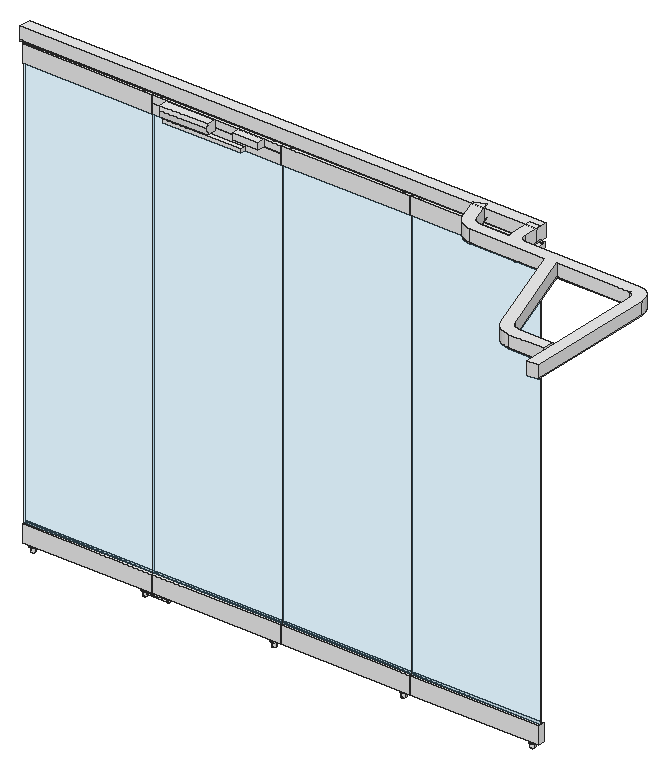
Revit family "75001", category Doors, host Wall, Revit 2018 (continued)
Definition of nested family "HSW75 Panel - Sliding"
  Dimensions and locks (in)
    equal spacing: plane 19, plane 23, level
    Extrusion 3 sketch curve to plane 8 "Top Edge" to Extrusion 3 sketch curve to Extrusion 3 sketch curve to Extrusion 3 sketch curve to Extrusion 3 sketch curve = 0' - 0.32234" locked, 0' - 0.07842" locked, 0' - 0.60781" locked, 0' - 0.18778" locked, 0' - 0.05214" locked
    Extrusion 3 sketch curve to Extrusion 3 sketch curve to Extrusion 3 sketch curve to Extrusion 3 sketch curve to Extrusion 3 sketch curve to plane 1 "Center (Front/Back)" to Extrusion 3 sketch curve = 0' - 0.13748" locked, 0' - 0" locked, 0' - 0.17692" locked, 0' - 0.0593" locked, 0' - 0.65945" locked, 0' - 0 23/32" locked
    aligned and locked: Extrusion 1 sketch curve to plane 6 "Interior Edge of Glass"
    aligned and locked: Extrusion 1 to plane 11 "Right Edge of Glass"
    aligned and locked: Extrusion 1 to plane 10 "Left Edge of Glass"
    aligned and locked: plane 13 to Extrusion 1
    aligned and locked: Extrusion 1 to plane 15
    aligned and locked: Extrusion 3 to plane 10 "Left Edge of Glass"
    aligned and locked: Extrusion 3 to plane 11 "Right Edge of Glass"
    aligned and locked: Extrusion 2 to plane 10 "Left Edge of Glass"
    aligned and locked: Extrusion 2 to plane 11 "Right Edge of Glass"
    aligned and locked: Masking region 1 sketch curve to Extrusion 2  (x2)
    aligned and locked: plane 6 "Interior Edge of Glass" to Extrusion 2 sketch curve
    aligned and locked: Extrusion 2 sketch curve to plane 7 "Exterior Edge of Glass"
    aligned and locked: plane 7 "Exterior Edge of Glass" to Extrusion 3 sketch curve
    aligned and locked: Extrusion 3 sketch curve to plane 6 "Interior Edge of Glass"
    aligned and locked: plane 1 "Center (Front/Back)" to Extrusion 4 sketch curve  (x2)
    aligned and locked: plane 21 to Extrusion 4 sketch curve
    aligned and locked: plane 22 to Extrusion 4 sketch curve
    aligned and locked: Extrusion 4 to plane 8 "Top Edge"
    aligned and locked: plane 20 to Extrusion 4
    aligned and locked: plane 1 "Center (Front/Back)" to Extrusion 5 sketch curve
    aligned and locked: plane 22 to Extrusion 5 sketch curve
    aligned and locked: Extrusion 5 to level
    aligned and locked: plane 9 "Bottom Edge of Glass" to Extrusion 5
    aligned and locked: plane 7 "Exterior Edge of Glass" to Extrusion 1
    aligned and locked: plane 11 "Right Edge of Glass" to curve 1
    aligned and locked: Extrusion 1 to plane 6 "Interior Edge of Glass"
    aligned and locked: plane 10 "Left Edge of Glass" to Extrusion 2
    aligned and locked: plane 11 "Right Edge of Glass" to Extrusion 2
    aligned and locked: plane 10 "Left Edge of Glass" to curve 1
    aligned and locked: plane 10 "Left Edge of Glass" to curve 2
    aligned and locked: plane 8 "Top Edge" to Extrusion 3 sketch curve
  Automatic sketch dimensions
    curve 2 to plane 6 "Interior Edge of Glass" = 0' - 0"
    curve 2 to plane 11 "Right Edge of Glass" = 0' - 0"
    curve 1 to plane 7 "Exterior Edge of Glass" = 0' - 0"
    Extrusion 1 sketch curve to plane 10 "Left Edge of Glass" = 0' - 0"
    Extrusion 1 sketch curve to plane 11 "Right Edge of Glass" = 0' - 0"
    Extrusion 1 sketch curve to plane 7 "Exterior Edge of Glass" = 0' - 0"
    Extrusion 2 sketch curve to plane 5 "Exterior" = 0' - 0"
    Extrusion 2 sketch curve to plane 4 "Interior" = 0' - 0"
    Extrusion 2 sketch curve to plane 9 "Bottom Edge of Glass" = 0' - 0"
    plane 13 to Extrusion 2 sketch curve = 0' - 0"
    Extrusion 2 sketch curve to plane 12 = 0' - 0"  (x2)
    Masking region 1 sketch curve to plane 5 "Exterior" = 0' - 0"
    Masking region 1 sketch curve to plane 4 "Interior" = 0' - 0"
    Extrusion 3 sketch curve to plane 8 "Top Edge" = 0' - 0"
    plane 14 to Extrusion 3 sketch curve = 0' - 0"  (x2)
    plane 15 to Extrusion 3 sketch curve = 0' - 0"
    radius of Extrusion 5 sketch curve = 0' - 0 7/32"
    radius of Extrusion 4 sketch curve = 0' - 0 7/32"  (x2)
Definition of nested family "Door Swing Detail"
  Parameters
    Panel Width = 2' - 3.30287"
  Reference planes (in)
    plane 1 "Center (Front/Back)": y = 0
    plane 2: z = 0
    plane 3 "Center (Left/Right)": x = 0
    plane 4: y = 27.30287
    plane 5: x = 27.30287
  Lines and regions (in)
    Masking region 1, in view "Ref. Level"
      outline origin (0, 0, 0) x (1, 0, 0) y (0, 1, 0)
        loop
          line (0, 27.30287) -> (0, 0) -> (2.5, 0) -> (2.5, 27.30287) -> (0, 27.30287)
    detail lines, in view "Ref. Level"
      curve 1: arc (0, 27.30287, 0) -> (19.30605, 19.30605, 0) -> (27.30287, 0, 0) r 27.30287
  Dimensions and locks (in)
    "Panel Width": plane 4 to plane 1 "Center (Front/Back)"
    "Panel Width": plane 3 "Center (Left/Right)" to plane 5
    locked: plane 3 "Center (Left/Right)" to Masking region 1 sketch curve at 2.5
    "Panel Width": radius of curve 1
    aligned and locked: Masking region 1 sketch curve to plane 4
    aligned and locked: Masking region 1 sketch curve to plane 1 "Center (Front/Back)"
    aligned and locked: plane 3 "Center (Left/Right)" to Masking region 1 sketch curve
    aligned and locked: plane 5 to curve 1
    aligned and locked: plane 1 "Center (Front/Back)" to curve 1
    aligned and locked: plane 3 "Center (Left/Right)" to curve 1
    aligned and locked: plane 4 to curve 1
